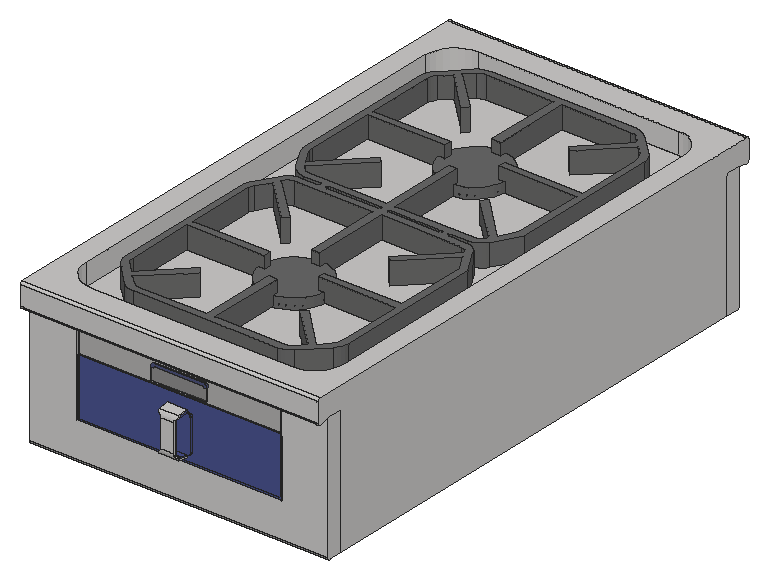
Revit family "QF_ELECTROLUXPROFESSIONAL_589070_MCGDACEOPO", category Specialty Equipment, Revit 2018
Family settings
  Round Connector Dimension = Use Diameter
  Part Type = Normal
  Work Plane-Based = No
  Always vertical = Yes
  Cut with Voids When Loaded = No
  Shared = No
  Room Calculation Point = No
Parameters
  Weight in Pounds = 90.38
  Watts = 0 W
  URL Cutsheet = ""
  Type Mark [instance] = ""
  Status [instance] = ""
  Specification by User [instance] = ""
  Specification by Manufacturer = ""
  Serial Number = ""
  Seismic Rating = ""
  SMACNA No = ""
  Revision Code [instance] = ""
  Omniclass Number and Title = ""
  NAFEM Spec ID Number = ""
  Model = "589070"
  Mechanical Remarks [instance] = ""
  Mechanical Connection Type [instance] = ""
  Masterspec = ""
  Manufacturer = "ELECTROLUX"
  Item Number [instance] = ""
  Installed By [instance] = ""
  Identify Quantity as Lot [instance] = yes
  HP = "0 HP"
  Gas Size = 1/2"
  Gas RI Height [instance] = 0 mm
  Gas KW = 20
  Gas Input = 68180.0 Btu/h
  Gas Connection Height [instance] = 0 mm
  Furnished By [instance] = ""
  Foodservice Equipment Identifier [instance] = yes
  Direct Waste Size = 0"
  Description = "GAS TOP,2 BURNERS,2-SIDES,500X900X250H"
  CSI MasterFormat = ""
  CSI Master Format = ""
  Back Panel [instance] = yes
Reference planes
  plane 1 "BACK": y = 0
  plane 2: z = 0
  plane 3 "LEFT": x = 0
  plane 4 "RIGHT": x = 500
  plane 5 "FRONT": y = -900
  plane 6 "TOP": z = 250
  plane 7: x = 250
  plane 8: y = -450
  plane 9: x = 465
  plane 10: y = -60.425
Forms (mm)
  Extrusion 1, solid, material "QF_Finishes_Stainless Steel"
    sketch origin (0, -487.128, 0) x (0, 1, 0) y (0, 0, 1)
      loop
        line (483.128, 250) -> (-408.872, 250)
        arc (-408.872, 250) -> (-411.7, 248.828) -> (-412.872, 246) r 4
        line (-412.872, 246) -> (-412.872, 214)
        arc (-412.872, 214) -> (-411.437, 210.931) -> (-408.161, 210.064) r 4
        line (-408.161, 210.064) -> (-392.872, 213) -> (-367.872, 213) -> (-367.872, 0) -> (442.128, 0) -> (442.128, 213) -> (465.765, 213) -> (482.433, 210.061)
        arc (482.433, 210.061) -> (485.699, 210.936) -> (487.128, 214) r 4
        line (487.128, 214) -> (487.128, 246)
        arc (487.128, 246) -> (485.956, 248.828) -> (483.128, 250) r 4
    from 0 to 500
  Extrusion 2, void
    sketch origin (653.786, 44.048, 250) x (1, 0, 0) y (0, -1, 0)
      loop
        line (-570.234, 89.462) -> (-235.321, 89.462)
        arc (-235.321, 89.462) -> (-200.694, 103.805) -> (-186.351, 138.432) r 48.97
        line (-186.351, 138.432) -> (-186.351, 850.078)
        arc (-186.351, 850.078) -> (-200.694, 884.705) -> (-235.321, 899.048) r 48.97
        line (-235.321, 899.048) -> (-570.234, 899.048)
        arc (-570.234, 899.048) -> (-605.59, 884.403) -> (-620.234, 849.048) r 50
        line (-620.234, 849.048) -> (-620.234, 139.462)
        arc (-620.234, 139.462) -> (-605.59, 104.107) -> (-570.234, 89.462) r 50
    from 0 to 37
  Extrusion 3, solid, material "QF_Finishes_Stainless Steel"
    sketch origin (10, -759, 0) x (1, 0, 0) y (0, -1, 0)
      loop
        circle (455, -169) r 6.35
    from 0 to 3.2
Cuts and joins
  Extrusion 2 cuts Extrusion 1
Lines and regions (mm)
  symbolic lines
    curve 1: line (0, 0, 0) -> (500, 0, 0)
    curve 2: line (0, -900, 0) -> (0, 0, 0)
    curve 3: line (500, -900, 0) -> (0, -900, 0)
    curve 4: line (500, 0, 0) -> (500, -900, 0)
    curve 5: arc (83.552, -855, 0) -> (48.197, -840.355, 0) -> (33.552, -805, 0) r 50
    curve 6: line (33.552, -805, 0) -> (33.552, -95.414, 0)
    curve 7: arc (33.552, -95.414, 0) -> (48.197, -60.059, 0) -> (83.552, -45.414, 0) r 50
    curve 8: line (83.552, -45.414, 0) -> (418.465, -45.414, 0)
    curve 9: arc (418.465, -45.414, 0) -> (453.092, -59.757, 0) -> (467.435, -94.384, 0) r 48.97
    curve 10: line (467.435, -94.384, 0) -> (467.435, -806.03, 0)
    curve 11: arc (467.435, -806.03, 0) -> (453.092, -840.657, 0) -> (418.465, -855, 0) r 48.97
    curve 12: line (418.465, -855, 0) -> (83.552, -855, 0)
Dimensions and locks
  plane 3 "LEFT" to plane 4 "RIGHT" = 500 mm
  plane 5 "FRONT" to plane 1 "BACK" = 900 mm
  equal spacing: plane 3 "LEFT", plane 7, plane 4 "RIGHT"
  equal spacing: plane 5 "FRONT", plane 8, plane 1 "BACK"
  plane 6 "TOP" to level = 250 mm  (x2)
  plane 1 "BACK" to plane 5 "FRONT" = 900 mm
  Extrusion 3 sketch curve to plane 1 "BACK" = 590 mm
  Extrusion 3 sketch curve to plane 4 "RIGHT" = 35 mm
  plane 1 "BACK" to Extrusion 3 = 590 mm
  plane 9 to plane 4 "RIGHT" = 35 mm
  aligned and locked: level to plane 2
  aligned and locked: plane 7 to nested 1
  aligned and locked: Extrusion 1 to plane 4 "RIGHT"
Automatic sketch dimensions
  Extrusion 1 sketch curve to plane 5 "FRONT" = 0 mm
  Extrusion 1 sketch curve to plane 6 "TOP" = 0 mm
  Extrusion 1 sketch curve to level = 0 mm
  Extrusion 1 sketch curve to plane 1 "BACK" = 0 mm
  Extrusion 1 sketch curve to plane 6 "TOP" = 37 mm  (x2)
  Extrusion 1 sketch curve to plane 5 "FRONT" = 4 mm
  Extrusion 1 sketch curve to plane 5 "FRONT" = 20 mm
  Extrusion 1 sketch curve to plane 5 "FRONT" = 45 mm
  plane 1 "BACK" to Extrusion 1 sketch curve = 21.363 mm
  plane 1 "BACK" to Extrusion 1 sketch curve = 4 mm  (x2)
  Extrusion 1 sketch curve to Extrusion 1 sketch curve = 4 mm
  Extrusion 1 sketch curve to Extrusion 1 sketch curve = 0.711 mm
  plane 1 "BACK" to Extrusion 1 sketch curve = 4.695 mm
  Extrusion 1 sketch curve to Extrusion 1 sketch curve = 0 mm  (x2)
  Extrusion 1 sketch curve to Extrusion 1 sketch curve = 1 mm  (x2)
  plane 1 "BACK" to Extrusion 1 sketch curve = 45 mm
  plane 1 "BACK" to curve 1 = 0 mm
  curve 1 to plane 4 "RIGHT" = 0 mm
  curve 2 to plane 3 "LEFT" = 0 mm
  plane 5 "FRONT" to curve 2 = 0 mm
  Extrusion 2 sketch curve to Extrusion 2 sketch curve = 50 mm  (x2)
  Extrusion 1 to Extrusion 2 sketch curve = 81.535 mm  (x2)
  Extrusion 1 to Extrusion 2 sketch curve = 41 mm
  Extrusion 1 to Extrusion 2 sketch curve = 32.565 mm
  Extrusion 1 to Extrusion 2 sketch curve = 33.552 mm
  Extrusion 1 to Extrusion 2 sketch curve = 91.414 mm
  curve 10 to plane 9 = 2.435 mm
  plane 10 to curve 8 = 15.012 mm
  plane 9 to curve 8 = 46.535 mm
  plane 3 "LEFT" to curve 8 = 83.552 mm
  plane 3 "LEFT" to curve 6 = 33.552 mm
  curve 6 to plane 5 "FRONT" = 95 mm
  plane 9 to curve 12 = 46.535 mm
  curve 10 to plane 5 "FRONT" = 93.97 mm
  radius of Extrusion 3 sketch curve = 6.35 mm
Nested families
  nested 1: "EG_900_500_Single Range Control Handle Front & Back Panel" at (202.376, -855, -650), type "EG_900_500_Single Range Control Handle Front & Back Panel"
  nested 2: "OBT_900_Open Burner" at (250, -450.207, -649.319), type "OBT_900_Open Burner"
  nested 3: "EG_900_500_Single Range Control Handle Front & Back Panel" at (202.376, -45, -650), type "EG_900_500_Single Range Control Handle Front & Back Panel"
Connectors
  piping at (465, -590, -3.2), diameter 12.8
    settings: on Extrusion 3, index 1, connector inside diameter 0.50394", connector length 0 mm, flow factor 0, pipe flow 0 GPM, pressure drop 0.00 psi, fitting loss kfactor 0, connector angle 0.00°, fixture units 0, engagement length 0 mm, angle of deflection 0.00°, flow configuration 1, flow direction 1, fitting loss method 0, system type 7, joint type 0, gender type 0, connector reference index -1, connector utility 0, adjustable connector no, is connector primary yes, connector description "GAS CONNECTION"
Definition of nested family "EG_900_500_Single Range Control Handle Front & Back Panel"
  Reference planes
    plane 1 "Center (Front/Back)": y = 0
    plane 2: z = 0
    plane 3 "Center (Left/Right)": x = 47.624
    plane 4: x = -202.376
    plane 5: x = 297.624
    plane 6: y = -45
  Forms (mm)
    Extrusion 1, solid
      sketch origin (833.217, 829.203, -1.25) x (0, 1, 0) y (0, 0, 1)
        loop
          arc (-854.203, 654.25) -> (-853.324, 652.129) -> (-851.203, 651.25) r 3
          line (-851.203, 651.25) -> (-829.203, 651.25) -> (-829.203, 864.25) -> (-854.203, 864.25) -> (-854.203, 654.25)
      from -1035.593 to -535.593
    Extrusion 2, void
      sketch origin (33.217, 829.203, -1.25) x (1, 0, 0) y (0, 0, 1)
        loop
          line (-157.593, 855.116) -> (-157.593, 713.116) -> (186.407, 713.116) -> (186.407, 855.116) -> (-157.593, 855.116)
      from 848.59 to 854.203
  Cuts and joins
    Extrusion 2 cuts Extrusion 1
  Dimensions and locks
    equal spacing: plane 5, plane 3 "Center (Left/Right)", plane 4
    plane 5 to plane 4 = 500 mm
    aligned and locked: cut or joined group of Extrusion 1, Extrusion 2 to plane 4
    aligned and locked: plane 5 to cut or joined group of Extrusion 1, Extrusion 2
    aligned and locked: plane 3 "Center (Left/Right)" to nested 2
    aligned and locked: cut or joined group of Extrusion 1, Extrusion 2 to nested 2
  Automatic sketch dimensions
    Extrusion 1 sketch curve to plane 1 "Center (Front/Back)" = 0 mm
    plane 1 "Center (Front/Back)" to Extrusion 1 sketch curve = 22 mm
    Extrusion 1 sketch curve to Extrusion 1 sketch curve = 3 mm
    level to Extrusion 1 sketch curve = 650 mm
    Extrusion 1 sketch curve to Extrusion 1 sketch curve = 210 mm
    plane 4 to Extrusion 2 sketch curve = 78 mm
    Extrusion 2 sketch curve to plane 5 = 78 mm
    level to Extrusion 2 sketch curve = 711.866 mm
    Extrusion 2 sketch curve to Extrusion 2 sketch curve = 142 mm
  Nested families
    nested 1: "Range Control Handle" at (47.624, -28.137, -209.113) x (-1, 0, 0) z (0, 0, 1), type "Range Control Handle"
    nested 2: "glass conrol panel" at (47.624, 280.644, 2.752), type "glass conrol panel"
  Definition of nested family "Range Control Handle"
    Reference planes
      plane 1 "Center (Front/Back)": y = 0
      plane 2: z = 0
      plane 3 "Center (Left/Right)": x = 0
      plane 4: z = 971.092
      plane 5: y = -16.9
    Forms (mm)
      Extrusion 1, solid
        sketch origin (-746.28, 380.497, 208.931) x (-1, 0, 0) y (0, 0, 1)
          loop
            line (-770.101, 786.798) -> (-770.101, 731.649)
            arc (-770.101, 731.649) -> (-769.759, 730.563) -> (-768.855, 729.87) r 1.893
            line (-768.855, 729.87) -> (-763.474, 727.911) -> (-729.81, 727.911) -> (-724.428, 729.87)
            arc (-724.428, 729.87) -> (-723.525, 730.563) -> (-723.183, 731.649) r 1.893
            line (-723.183, 731.649) -> (-723.183, 786.798)
            arc (-723.183, 786.798) -> (-723.529, 787.894) -> (-724.44, 788.593) r 1.91
            line (-724.44, 788.593) -> (-729.683, 790.819) -> (-763.601, 790.819) -> (-768.844, 788.593)
            arc (-768.844, 788.593) -> (-769.755, 787.894) -> (-770.101, 786.798) r 1.91
        from -382.35 to -378.852
      Sweep 2, solid
        path origin (-746.788, 380.496, 208.091) x (0, -1, 0) y (0, 0, 1)
          loop
            line (379.775, 793.281) -> (395.661, 791.048)
            arc (395.661, 791.048) -> (397.781, 787.377) -> (398.517, 783.202) r 12.207
            line (398.517, 783.202) -> (398.517, 737.368)
            arc (398.517, 737.368) -> (397.781, 733.193) -> (395.661, 729.522) r 12.207
            line (395.661, 729.522) -> (379.775, 727.289)
        profile origin (-746.788, -7.222, 1000.256) x (0, -0.139173, 0.990268) y (-1, 0, 0)
          loop
            line (0.782, -763.123) -> (0.782, -730.907) -> (-1.322, -730.907) -> (-1.322, -763.123) -> (0.782, -763.123)
      Sweep 3, solid
        path origin (-746.788, 380.715, 207.832) x (0, -1, 0) y (0, 0, 1)
          loop
            line (380.478, 795.442) -> (397.218, 793.09)
            arc (397.218, 793.09) -> (399.929, 788.473) -> (400.871, 783.202) r 15.207
            line (400.871, 783.202) -> (400.871, 737.584)
            arc (400.871, 737.584) -> (399.914, 732.274) -> (397.164, 727.633) r 15.207
            line (397.164, 727.633) -> (380.601, 725.305)
        profile origin (-746.788, -8.132, 1002.099) x (0, -0.139173, 0.990268) y (-1, 0, 0)
          loop
            line (0.782, -763.123) -> (0.782, -730.907) -> (-1.322, -730.907) -> (-1.322, -763.123) -> (0.782, -763.123)
      Extrusion 4, void
        sketch origin (889.253, 220.666, 207.993) x (1, 0, 0) y (0, 0, 1)
          loop
            line (-943.038, 816.854) -> (-943.038, 703.686) -> (-899.466, 734.196) -> (-899.466, 786.344) -> (-943.038, 816.854)
        from 230.636 to 242.25
      Extrusion 5, void
        sketch origin (-888.8, 220.666, 207.993) x (-1, 0, 0) y (0, 0, -1)
          loop
            line (-943.038, -816.854) -> (-899.466, -786.344) -> (-899.466, -734.196) -> (-943.038, -703.686) -> (-943.038, -816.854)
        from 230.636 to 242.25
      Extrusion 6, solid
        sketch origin (0, 0, 0) x (1, 0, 0) y (0, 0, 1)
          loop
            circle (0, 971.092) r 7.736
        from -3.137 to -1.645
    Cuts and joins
      Extrusion 4, Extrusion 5 cuts Sweep 3
      Extrusion 4, Extrusion 5 cuts Sweep 2
      joined: Extrusion 1, Extrusion 6
    Lines and regions (mm)
      symbolic lines
        curve 1: line (16.334, -16.9, 0) -> (16.334, -19.227, 0)
        curve 2: spline (16.334, -19.227, 0) -> (15.87, -19.385, 0) -> (15.404, -19.536, 0) -> (14.936, -19.678, 0) -> (14.466, -19.813, 0) -> (13.995, -19.94, 0) -> (13.523, -20.059, 0) -> (13.049, -20.171, 0) -> (12.575, -20.274, 0) -> (12.099, -20.37, 0) -> (11.622, -20.458, 0) -> (11.144, -20.537, 0) -> (10.666, -20.609, 0)
        curve 3: line (10.666, -16.9, 0) -> (10.666, -20.938, 0)
        curve 4: line (-10.213, -20.938, 0) -> (10.666, -20.938, 0)
        curve 5: line (-10.213, -20.938, 0) -> (-10.213, -16.9, 0)
        curve 6: spline (-10.213, -20.609, 0) -> (-10.691, -20.537, 0) -> (-11.169, -20.458, 0) -> (-11.646, -20.37, 0) -> (-12.122, -20.274, 0) -> (-12.597, -20.171, 0) -> (-13.07, -20.059, 0) -> (-13.542, -19.94, 0) -> (-14.013, -19.813, 0) -> (-14.483, -19.678, 0) -> (-14.951, -19.536, 0) -> (-15.417, -19.385, 0) -> (-15.881, -19.227, 0)
        curve 7: line (-15.881, -19.227, 0) -> (-15.881, -16.9, 0)
  Definition of nested family "glass conrol panel"
    Reference planes
      plane 1 "Center (Front/Back)": y = 0
      plane 2: z = 0
      plane 3 "Center (Left/Right)": x = 0
    Forms (mm)
      Extrusion 1, solid
        sketch origin (378.286, 0, 0.617) x (1, 0, 0) y (0, 0, 1)
          loop
            line (-550.286, 806.791) -> (-550.286, 708.497) -> (-206.286, 708.497) -> (-206.286, 806.791) -> (-550.286, 806.791)
        from 300.031 to 304.8
      Extrusion 2, solid
        sketch origin (378.286, 0, 0.617) x (1, 0, 0) y (0, 0, 1)
          loop
            line (-550.286, 850.497) -> (-550.286, 806.791) -> (-206.286, 806.791) -> (-206.286, 850.497) -> (-550.286, 850.497)
        from 300.031 to 304.8
      Extrusion 3, void
        sketch origin (378.286, 0, 0.617) x (1, 0, 0) y (0, 0, 1)
          loop
            line (-547.628, 847.565) -> (-547.628, 710.699) -> (-209.196, 710.699) -> (-209.196, 847.565) -> (-547.628, 847.565)
        from 303.697 to 304.8
      Extrusion 4, solid
        sketch origin (-308.309, 1.101, -0.633) x (-1, 0, 0) y (0, 0, -1)
          loop
            line (-261.431, -812.62) -> (-355.186, -812.62) -> (-355.186, -834.177) -> (-350.269, -834.177) -> (-348.469, -835.977) -> (-268.039, -835.977) -> (-266.24, -834.177) -> (-261.431, -834.177) -> (-261.431, -812.62)
        from 304.798 to 306.745
      Extrusion 5, solid
        sketch origin (-308.309, 1.101, -0.633) x (-1, 0, 0) y (0, 0, -1)
          loop
            line (-350.269, -834.177) -> (-355.078, -834.177)
            arc (-355.078, -834.177) -> (-353.942, -838.747) -> (-349.686, -840.763) r 5.5
            line (-349.686, -840.763) -> (-266.98, -840.763)
            arc (-266.98, -840.763) -> (-262.706, -838.752) -> (-261.529, -834.177) r 5.549
            line (-261.529, -834.177) -> (-266.24, -834.177) -> (-268.039, -835.977) -> (-348.469, -835.977) -> (-350.269, -834.177)
        from 304.798 to 306.745
    Cuts and joins
      Extrusion 3 cuts Extrusion 1
      Extrusion 3 cuts Extrusion 2
    Dimensions and locks
      aligned and locked: Extrusion 1 to Extrusion 2
      aligned and locked: Extrusion 5 sketch curve to Extrusion 4  (x5)
      aligned and locked: Extrusion 5 to Extrusion 4
Definition of nested family "OBT_900_Open Burner"
  Reference planes
    plane 1 "Center (Front/Back)": y = 0
    plane 2: z = 0
    plane 3 "Center (Left/Right)": x = 0
    plane 4: x = -186.448
    plane 5: x = 187.435
    plane 6: y = 374.793
    plane 7: y = -374.793
    plane 8: y = -188.326
  Forms (mm)
    Extrusion 1, solid
      sketch origin (2130.573, 56.896, -679.622) x (1, 0, 0) y (0, 1, 0)
        loop
          line (-2137.44, 306.49) -> (-2250.793, 306.49)
          arc (-2250.793, 306.49) -> (-2257.908, 305.075) -> (-2263.94, 301.044) r 18.593
          line (-2263.94, 301.044) -> (-2276.233, 288.751) -> (-2213.48, 225.998) -> (-2221.6, 217.877) -> (-2284.354, 280.631) -> (-2300.33, 264.654)
          arc (-2300.33, 264.654) -> (-2304.433, 258.337) -> (-2305.614, 250.897) r 18.125
          line (-2305.614, 250.897) -> (-2305.614, 138.422) -> (-2175.79, 138.422) -> (-2175.79, 126.938) -> (-2305.614, 126.938) -> (-2305.614, 10.897)
          arc (-2305.614, 10.897) -> (-2304.981, 6.085) -> (-2303.123, 1.601) r 18.593
          line (-2303.123, 1.601) -> (-2290.078, -20.994) -> (-2221.6, 47.483) -> (-2213.48, 39.363) -> (-2284.012, -31.169)
          arc (-2284.012, -31.169) -> (-2278.546, -38.527) -> (-2270.23, -42.379) r 18.593
          line (-2270.23, -42.379) -> (-2137.44, -42.379) -> (-2137.44, 87.464) -> (-2123.707, 87.464) -> (-2123.707, -42.379) -> (-1989.813, -42.379)
          arc (-1989.813, -42.379) -> (-1981.496, -38.527) -> (-1976.031, -31.169) r 18.593
          line (-1976.031, -31.169) -> (-2047.115, 39.915) -> (-2038.994, 48.035) -> (-1969.962, -20.997) -> (-1954.428, 5.916) -> (-1954.428, 126.938) -> (-2085.357, 126.938) -> (-2085.357, 138.422) -> (-1954.428, 138.422) -> (-1954.428, 247.888)
          arc (-1954.428, 247.888) -> (-1956.538, 258.496) -> (-1962.547, 267.489) r 27.72
          line (-1962.547, 267.489) -> (-1975.689, 280.631) -> (-2038.994, 217.325) -> (-2047.115, 225.446) -> (-1983.809, 288.751) -> (-1996.102, 301.044)
          arc (-1996.102, 301.044) -> (-2002.134, 305.075) -> (-2009.25, 306.49) r 18.593
          line (-2009.25, 306.49) -> (-2123.707, 306.49) -> (-2123.707, 177.897) -> (-2137.44, 177.897) -> (-2137.44, 306.49)
        loop
          arc (-2317.021, 10.897) -> (-2315.999, 3.132) -> (-2313.002, -4.103) r 30
          line (-2313.002, -4.103) -> (-2292.795, -39.103)
          arc (-2292.795, -39.103) -> (-2281.814, -50.084) -> (-2266.814, -54.103) r 30
          line (-2266.814, -54.103) -> (-2239.287, -54.103)
          arc (-2239.287, -54.103) -> (-2238.243, -56) -> (-2236.272, -56.896) r 3.438
          arc (-2236.272, -56.896) -> (-2238.243, -57.792) -> (-2239.287, -59.689) r 3.438
          line (-2239.287, -59.689) -> (-2266.814, -59.689)
          arc (-2266.814, -59.689) -> (-2281.814, -63.708) -> (-2292.795, -74.689) r 30
          line (-2292.795, -74.689) -> (-2313.002, -109.689)
          arc (-2313.002, -109.689) -> (-2315.999, -116.924) -> (-2317.021, -124.689) r 30
          line (-2317.021, -124.689) -> (-2317.021, -365.461)
          arc (-2317.021, -365.461) -> (-2314.738, -376.941) -> (-2308.234, -386.674) r 30
          line (-2308.234, -386.674) -> (-2271.975, -422.933)
          arc (-2271.975, -422.933) -> (-2262.253, -429.414) -> (-2250.793, -431.689) r 30
          line (-2250.793, -431.689) -> (-2009.25, -431.689)
          arc (-2009.25, -431.689) -> (-1997.786, -429.412) -> (-1988.062, -422.928) r 30
          line (-1988.062, -422.928) -> (-1951.808, -386.674)
          arc (-1951.808, -386.674) -> (-1945.305, -376.941) -> (-1942.982, -365.461) r 30
          line (-1942.982, -365.461) -> (-1942.982, -116.719) -> (-1967.248, -74.689)
          arc (-1967.248, -74.689) -> (-1978.229, -63.708) -> (-1993.229, -59.689) r 30
          line (-1993.229, -59.689) -> (-2020.319, -59.689)
          arc (-2020.319, -59.689) -> (-2021.979, -57.759) -> (-2024.375, -56.896) r 5
          arc (-2024.375, -56.896) -> (-2021.979, -56.033) -> (-2020.319, -54.103) r 5
          line (-2020.319, -54.103) -> (-1993.229, -54.103)
          arc (-1993.229, -54.103) -> (-1978.229, -50.084) -> (-1967.248, -39.103) r 30
          line (-1967.248, -39.103) -> (-1943.138, 2.656) -> (-1943.138, 254.314)
          arc (-1943.138, 254.314) -> (-1945.839, 264.361) -> (-1951.808, 272.882) r 30
          line (-1951.808, 272.882) -> (-1988.062, 309.136)
          arc (-1988.062, 309.136) -> (-1997.786, 315.62) -> (-2009.25, 317.897) r 30
          line (-2009.25, 317.897) -> (-2250.793, 317.897)
          arc (-2250.793, 317.897) -> (-2262.253, 315.622) -> (-2271.975, 309.141) r 30
          line (-2271.975, 309.141) -> (-2308.234, 272.882)
          arc (-2308.234, 272.882) -> (-2314.738, 263.149) -> (-2317.021, 251.669) r 30
          line (-2317.021, 251.669) -> (-2317.021, 10.897)
        loop
          arc (-2122.397, -54.103) -> (-2124.057, -56.033) -> (-2126.452, -56.896) r 5
          arc (-2126.452, -56.896) -> (-2124.057, -57.759) -> (-2122.397, -59.689) r 5
          line (-2122.397, -59.689) -> (-2035.829, -59.689)
          arc (-2035.829, -59.689) -> (-2034.784, -57.792) -> (-2032.813, -56.896) r 3.438
          arc (-2032.813, -56.896) -> (-2034.784, -56) -> (-2035.829, -54.103) r 3.438
          line (-2035.829, -54.103) -> (-2122.397, -54.103)
        loop
          arc (-2223.778, -54.103) -> (-2225.438, -56.033) -> (-2227.833, -56.896) r 5
          arc (-2227.833, -56.896) -> (-2225.438, -57.759) -> (-2223.778, -59.689) r 5
          line (-2223.778, -59.689) -> (-2137.906, -59.689)
          arc (-2137.906, -59.689) -> (-2136.862, -57.792) -> (-2134.891, -56.896) r 3.438
          arc (-2134.891, -56.896) -> (-2136.862, -56) -> (-2137.906, -54.103) r 3.438
          line (-2137.906, -54.103) -> (-2223.778, -54.103)
        loop
          line (-2137.44, -420.282) -> (-2137.44, -290.439) -> (-2123.707, -290.439) -> (-2123.707, -420.282) -> (-2009.25, -420.282)
          arc (-2009.25, -420.282) -> (-2002.134, -418.867) -> (-1996.102, -414.836) r 18.593
          line (-1996.102, -414.836) -> (-1983.184, -401.918) -> (-2047.115, -337.988) -> (-2038.994, -329.867) -> (-1975.064, -393.798) -> (-1962.547, -381.281)
          arc (-1962.547, -381.281) -> (-1956.538, -372.288) -> (-1954.428, -361.68) r 27.72
          line (-1954.428, -361.68) -> (-1954.428, -250.964) -> (-2085.357, -250.964) -> (-2085.357, -239.48) -> (-1954.428, -239.48) -> (-1954.428, -119.708) -> (-1970.42, -92.003) -> (-2038.994, -160.577) -> (-2047.115, -152.457) -> (-1976.413, -81.755)
          arc (-1976.413, -81.755) -> (-1981.868, -74.971) -> (-1989.813, -71.413) r 18.593
          line (-1989.813, -71.413) -> (-2123.707, -71.413) -> (-2123.707, -200.006) -> (-2137.44, -200.006) -> (-2137.44, -71.413) -> (-2270.23, -71.413)
          arc (-2270.23, -71.413) -> (-2278.175, -74.971) -> (-2283.629, -81.755) r 18.593
          line (-2283.629, -81.755) -> (-2213.48, -151.905) -> (-2221.6, -160.025) -> (-2289.62, -92.005) -> (-2303.123, -115.393)
          arc (-2303.123, -115.393) -> (-2304.981, -119.877) -> (-2305.614, -124.689) r 18.593
          line (-2305.614, -124.689) -> (-2305.614, -239.48) -> (-2175.79, -239.48) -> (-2175.79, -250.964) -> (-2305.614, -250.964) -> (-2305.614, -364.689)
          arc (-2305.614, -364.689) -> (-2304.433, -372.129) -> (-2300.33, -378.446) r 18.125
          line (-2300.33, -378.446) -> (-2284.979, -393.798) -> (-2221.6, -330.419) -> (-2213.48, -338.54) -> (-2276.858, -401.918) -> (-2263.94, -414.836)
          arc (-2263.94, -414.836) -> (-2257.908, -418.867) -> (-2250.793, -420.282) r 18.593
          line (-2250.793, -420.282) -> (-2137.44, -420.282)
      from 1542.072 to 1578.941
    Extrusion 2, solid
      sketch origin (2130.573, 61.122, 0) x (1, 0, 0) y (0, 1, 0)
        loop
          circle (-2130.573, -249.448) r 55
        loop
          circle (-2130.573, 128.455) r 55
      from 862.45 to 879.837
    Extrusion 3, void
      sketch origin (-124.371, -355.785, -22.784) x (-0.587785, -0.809017, 0) y (0, 0, 1)
        loop
          circle (-213.495, 891.283) r 1
      from -67.69 to -35.114
    Extrusion 4, void
      sketch origin (-89.903, -376.417, -22.784) x (-0.422618, -0.906308, 0) y (0, 0, 1)
        loop
          circle (-213.495, 891.283) r 1
      from -74.826 to -35.114
    Extrusion 5, void
      sketch origin (-52.131, -390.093, -22.784) x (-0.241922, -0.970296, 0) y (0, 0, 1)
        loop
          circle (-213.495, 891.283) r 1
      from -67.69 to -35.114
    Extrusion 6, void
      sketch origin (27.702, -394.842, -22.784) x (0.139173, -0.990268, 0) y (0, 0, 1)
        loop
          circle (-213.495, 891.283) r 1
      from -67.69 to -35.114
    Extrusion 7, void
      sketch origin (66.829, -385.74, -22.784) x (0.325568, -0.945519, 0) y (0, 0, 1)
        loop
          circle (-213.495, 891.283) r 1
      from -67.69 to -35.114
    Extrusion 8, void
      sketch origin (103.5, -369.339, -22.784) x (0.5, -0.866025, 0) y (0, 0, 1)
        loop
          circle (-213.495, 891.283) r 1
      from -67.69 to -35.114
    Extrusion 9, void
      sketch origin (136.368, -346.242, -22.784) x (0.656059, -0.75471, 0) y (0, 0, 1)
        loop
          circle (-213.495, 891.283) r 1
      from -67.69 to -35.114
    Extrusion 10, void
      sketch origin (164.225, -317.298, -22.784) x (0.788011, -0.615661, 0) y (0, 0, 1)
        loop
          circle (-213.495, 891.283) r 1
      from -67.69 to -35.114
    Extrusion 11, void
      sketch origin (186.048, -283.571, -22.784) x (0.891007, -0.45399, 0) y (0, 0, 1)
        loop
          circle (-213.495, 891.283) r 1
      from -67.69 to -35.114
    Extrusion 12, void
      sketch origin (201.034, -246.299, -22.784) x (0.961262, -0.275637, 0) y (0, 0, 1)
        loop
          circle (-213.495, 891.283) r 1
      from -67.69 to -35.114
    Extrusion 13, void
      sketch origin (208.566, -166.681, -22.784) x (0.994522, 0.104528, 0) y (0, 0, 1)
        loop
          circle (-213.495, 891.283) r 1
      from -67.69 to -35.114
    Extrusion 14, void
      sketch origin (200.835, -127.26, -22.784) x (0.956305, 0.292372, 0) y (0, 0, 1)
        loop
          circle (-213.495, 891.283) r 1
      from -67.69 to -35.114
    Extrusion 15, void
      sketch origin (185.724, -90.039, -22.784) x (0.882948, 0.469472, 0) y (0, 0, 1)
        loop
          circle (-213.495, 891.283) r 1
      from -67.69 to -35.114
    Extrusion 16, void
      sketch origin (163.788, -56.385, -22.784) x (0.777146, 0.62932, 0) y (0, 0, 1)
        loop
          circle (-213.495, 891.283) r 1
      from -67.69 to -35.114
    Extrusion 17, void
      sketch origin (135.834, -27.534, -22.784) x (0.642788, 0.766044, 0) y (0, 0, 1)
        loop
          circle (-213.495, 891.283) r 1
      from -67.69 to -35.114
    Extrusion 18, void
      sketch origin (102.889, -4.548, -22.784) x (0.48481, 0.87462, 0) y (0, 0, 1)
        loop
          circle (-213.495, 891.283) r 1
      from -67.69 to -35.114
    Extrusion 19, void
      sketch origin (66.163, 11.73, -22.784) x (0.309017, 0.951057, 0) y (0, 0, 1)
        loop
          circle (-213.495, 891.283) r 1
      from -67.69 to -35.114
    Extrusion 20, void
      sketch origin (-52.811, 15.685, -22.784) x (-0.258819, 0.965926, 0) y (0, 0, 1)
        loop
          circle (-213.495, 891.283) r 1
      from -67.69 to -35.114
    Extrusion 21, void
      sketch origin (-90.537, 1.882, -22.784) x (-0.438371, 0.898794, 0) y (0, 0, 1)
        loop
          circle (-213.495, 891.283) r 1
      from -67.69 to -35.114
    Extrusion 22, void
      sketch origin (-124.936, -18.865, -22.784) x (-0.601815, 0.798636, 0) y (0, 0, 1)
        loop
          circle (-213.495, 891.283) r 1
      from -67.69 to -35.114
    Extrusion 23, void
      sketch origin (-154.744, -45.796, -22.784) x (-0.743145, 0.669131, 0) y (0, 0, 1)
        loop
          circle (-213.495, 891.283) r 1
      from -67.69 to -35.114
    Extrusion 24, void
      sketch origin (-178.866, -77.919, -22.784) x (-0.857167, 0.515038, 0) y (0, 0, 1)
        loop
          circle (-213.495, 891.283) r 1
      from -67.69 to -35.114
    Extrusion 25, void
      sketch origin (-196.416, -114.054, -22.784) x (-0.939693, 0.34202, 0) y (0, 0, 1)
        loop
          circle (-213.495, 891.283) r 1
      from -67.69 to -35.114
    Extrusion 26, void
      sketch origin (-204.521, -232.817, -22.784) x (-0.97437, -0.224951, 0) y (0, 0, 1)
        loop
          circle (-213.495, 891.283) r 1
      from -67.69 to -35.114
    Extrusion 27, void
      sketch origin (-192.043, -271.002, -22.784) x (-0.913545, -0.406737, 0) y (0, 0, 1)
        loop
          circle (-213.495, 891.283) r 1
      from -67.69 to -35.114
    Extrusion 28, void
      sketch origin (-172.509, -306.104, -22.784) x (-0.819152, -0.573576, 0) y (0, 0, 1)
        loop
          circle (-213.495, 891.283) r 1
      from -67.69 to -35.114
    Extrusion 29, void
      sketch origin (-146.635, -336.834, -22.784) x (-0.694658, -0.71934, 0) y (0, 0, 1)
        loop
          circle (-213.495, 891.283) r 1
      from -67.69 to -35.114
    Extrusion 30, void
      sketch origin (-124.371, 22.118, -22.784) x (-0.587785, -0.809017, 0) y (0, 0, 1)
        loop
          circle (-213.495, 891.283) r 1
      from -67.69 to -35.114
    Extrusion 31, void
      sketch origin (-89.903, 1.485, -22.784) x (-0.422618, -0.906308, 0) y (0, 0, 1)
        loop
          circle (-213.495, 891.283) r 1
      from -74.826 to -35.114
    Extrusion 32, void
      sketch origin (-52.131, -12.191, -22.784) x (-0.241922, -0.970296, 0) y (0, 0, 1)
        loop
          circle (-213.495, 891.283) r 1
      from -67.69 to -35.114
    Extrusion 33, void
      sketch origin (27.702, -16.939, -22.784) x (0.139173, -0.990268, 0) y (0, 0, 1)
        loop
          circle (-213.495, 891.283) r 1
      from -67.69 to -35.114
    Extrusion 34, void
      sketch origin (66.829, -7.837, -22.784) x (0.325568, -0.945519, 0) y (0, 0, 1)
        loop
          circle (-213.495, 891.283) r 1
      from -67.69 to -35.114
    Extrusion 35, void
      sketch origin (103.5, 8.564, -22.784) x (0.5, -0.866025, 0) y (0, 0, 1)
        loop
          circle (-213.495, 891.283) r 1
      from -67.69 to -35.114
    Extrusion 36, void
      sketch origin (136.368, 31.66, -22.784) x (0.656059, -0.75471, 0) y (0, 0, 1)
        loop
          circle (-213.495, 891.283) r 1
      from -67.69 to -35.114
    Extrusion 37, void
      sketch origin (164.225, 60.604, -22.784) x (0.788011, -0.615661, 0) y (0, 0, 1)
        loop
          circle (-213.495, 891.283) r 1
      from -67.69 to -35.114
    Extrusion 38, void
      sketch origin (186.048, 94.332, -22.784) x (0.891007, -0.45399, 0) y (0, 0, 1)
        loop
          circle (-213.495, 891.283) r 1
      from -67.69 to -35.114
    Extrusion 39, void
      sketch origin (201.034, 131.603, -22.784) x (0.961262, -0.275637, 0) y (0, 0, 1)
        loop
          circle (-213.495, 891.283) r 1
      from -67.69 to -35.114
    Extrusion 40, void
      sketch origin (208.566, 211.222, -22.784) x (0.994522, 0.104528, 0) y (0, 0, 1)
        loop
          circle (-213.495, 891.283) r 1
      from -67.69 to -35.114
    Extrusion 41, void
      sketch origin (200.835, 250.642, -22.784) x (0.956305, 0.292372, 0) y (0, 0, 1)
        loop
          circle (-213.495, 891.283) r 1
      from -67.69 to -35.114
    Extrusion 42, void
      sketch origin (185.724, 287.864, -22.784) x (0.882948, 0.469472, 0) y (0, 0, 1)
        loop
          circle (-213.495, 891.283) r 1
      from -67.69 to -35.114
    Extrusion 43, void
      sketch origin (163.788, 321.518, -22.784) x (0.777146, 0.62932, 0) y (0, 0, 1)
        loop
          circle (-213.495, 891.283) r 1
      from -67.69 to -35.114
    Extrusion 44, void
      sketch origin (135.834, 350.368, -22.784) x (0.642788, 0.766044, 0) y (0, 0, 1)
        loop
          circle (-213.495, 891.283) r 1
      from -67.69 to -35.114
    Extrusion 45, void
      sketch origin (102.889, 373.355, -22.784) x (0.48481, 0.87462, 0) y (0, 0, 1)
        loop
          circle (-213.495, 891.283) r 1
      from -67.69 to -35.114
    Extrusion 46, void
      sketch origin (66.163, 389.633, -22.784) x (0.309017, 0.951057, 0) y (0, 0, 1)
        loop
          circle (-213.495, 891.283) r 1
      from -67.69 to -35.114
    Extrusion 47, void
      sketch origin (-52.811, 393.588, -22.784) x (-0.258819, 0.965926, 0) y (0, 0, 1)
        loop
          circle (-213.495, 891.283) r 1
      from -67.69 to -35.114
    Extrusion 48, void
      sketch origin (-90.537, 379.785, -22.784) x (-0.438371, 0.898794, 0) y (0, 0, 1)
        loop
          circle (-213.495, 891.283) r 1
      from -67.69 to -35.114
    Extrusion 49, void
      sketch origin (-124.936, 359.037, -22.784) x (-0.601815, 0.798636, 0) y (0, 0, 1)
        loop
          circle (-213.495, 891.283) r 1
      from -67.69 to -35.114
    Extrusion 50, void
      sketch origin (-154.744, 332.107, -22.784) x (-0.743145, 0.669131, 0) y (0, 0, 1)
        loop
          circle (-213.495, 891.283) r 1
      from -67.69 to -35.114
    Extrusion 51, void
      sketch origin (-178.866, 299.984, -22.784) x (-0.857167, 0.515038, 0) y (0, 0, 1)
        loop
          circle (-213.495, 891.283) r 1
      from -67.69 to -35.114
    Extrusion 52, void
      sketch origin (-196.416, 263.848, -22.784) x (-0.939693, 0.34202, 0) y (0, 0, 1)
        loop
          circle (-213.495, 891.283) r 1
      from -67.69 to -35.114
    Extrusion 53, void
      sketch origin (-204.521, 145.086, -22.784) x (-0.97437, -0.224951, 0) y (0, 0, 1)
        loop
          circle (-213.495, 891.283) r 1
      from -67.69 to -35.114
    Extrusion 54, void
      sketch origin (-192.043, 106.901, -22.784) x (-0.913545, -0.406737, 0) y (0, 0, 1)
        loop
          circle (-213.495, 891.283) r 1
      from -67.69 to -35.114
    Extrusion 55, void
      sketch origin (-172.509, 71.798, -22.784) x (-0.819152, -0.573576, 0) y (0, 0, 1)
        loop
          circle (-213.495, 891.283) r 1
      from -67.69 to -35.114
    Extrusion 56, void
      sketch origin (-146.635, 41.068, -22.784) x (-0.694658, -0.71934, 0) y (0, 0, 1)
        loop
          circle (-213.495, 891.283) r 1
      from -67.69 to -35.114
  Cuts and joins
    Extrusion 3, Extrusion 4, Extrusion 5, Extrusion 6, Extrusion 7, Extrusion 8, Extrusion 9, Extrusion 10, Extrusion 11, Extrusion 12, Extrusion 13, Extrusion 14, Extrusion 15, Extrusion 16, Extrusion 17, Extrusion 18, Extrusion 19, Extrusion 20, Extrusion 21, Extrusion 22, Extrusion 23, Extrusion 24, Extrusion 25, Extrusion 26, Extrusion 27, Extrusion 28, Extrusion 29, Extrusion 30, Extrusion 31, Extrusion 32, Extrusion 33, Extrusion 34, Extrusion 35, Extrusion 36, Extrusion 37, Extrusion 38, Extrusion 39, Extrusion 40, Extrusion 41, Extrusion 42, Extrusion 43, Extrusion 44, Extrusion 45, Extrusion 46, Extrusion 47, Extrusion 48, Extrusion 49, Extrusion 50, Extrusion 51, Extrusion 52, Extrusion 53, Extrusion 54, Extrusion 55, Extrusion 56 cuts Extrusion 2
    Extrusion 32 cuts Extrusion 1
  Lines and regions (mm)
    symbolic lines
      curve 1: arc (54.699, -182.584, 0) -> (39.289, -149.838, 0) -> (6.867, -133.757, 0) r 55
      curve 2: arc (-54.699, -194.068, 0) -> (-39.289, -226.815, 0) -> (-6.867, -242.896, 0) r 55
      curve 3: line (45.217, -194.068, 0) -> (176.145, -194.068, 0)
      curve 4: line (176.145, -194.068, 0) -> (176.145, -304.784, 0)
      curve 5: arc (176.145, -304.784, 0) -> (174.035, -315.392, 0) -> (168.026, -324.385, 0) r 27.72
      curve 6: line (168.026, -324.385, 0) -> (155.51, -336.902, 0)
      curve 7: line (155.51, -336.902, 0) -> (91.579, -272.971, 0)
      curve 8: line (83.459, -281.092, 0) -> (147.389, -345.022, 0)
      curve 9: line (147.389, -345.022, 0) -> (134.471, -357.94, 0)
      curve 10: arc (134.471, -357.94, 0) -> (128.439, -361.971, 0) -> (121.324, -363.386, 0) r 18.593
      curve 11: line (121.324, -363.386, 0) -> (6.867, -363.386, 0)
      curve 12: line (6.867, -363.386, 0) -> (6.867, -233.543, 0)
      curve 13: line (-6.867, -233.543, 0) -> (-6.867, -363.386, 0)
      curve 14: line (-6.867, -363.386, 0) -> (-120.219, -363.386, 0)
      curve 15: arc (-120.219, -363.386, 0) -> (-127.335, -361.971, 0) -> (-133.367, -357.94, 0) r 18.593
      curve 16: line (-133.367, -357.94, 0) -> (-146.285, -345.022, 0)
      curve 17: line (-146.285, -345.022, 0) -> (-82.906, -281.644, 0)
      curve 18: line (-91.027, -273.523, 0) -> (-154.405, -336.902, 0)
      curve 19: line (-154.405, -336.902, 0) -> (-169.757, -321.55, 0)
      curve 20: arc (-169.757, -321.55, 0) -> (-173.86, -315.233, 0) -> (-175.041, -307.793, 0) r 18.125
      curve 21: line (-175.041, -307.793, 0) -> (-175.041, -194.068, 0)
      curve 22: line (-175.041, -194.068, 0) -> (-45.217, -194.068, 0)
      curve 23: line (-45.217, -182.584, 0) -> (-175.041, -182.584, 0)
      curve 24: line (-175.041, -182.584, 0) -> (-175.041, -67.793, 0)
      curve 25: arc (-175.041, -67.793, 0) -> (-174.407, -62.981, 0) -> (-172.55, -58.497, 0) r 18.593
      curve 26: line (-172.55, -58.497, 0) -> (-159.047, -35.109, 0)
      curve 27: line (-159.047, -35.109, 0) -> (-91.027, -103.129, 0)
      curve 28: line (-82.906, -95.009, 0) -> (-153.056, -24.859, 0)
      curve 29: arc (-153.056, -24.859, 0) -> (-147.601, -18.075, 0) -> (-139.656, -14.517, 0) r 18.593
      curve 30: line (-139.656, -14.517, 0) -> (-6.867, -14.517, 0)
      curve 31: line (-6.867, -14.517, 0) -> (-6.867, -143.11, 0)
      curve 32: line (6.867, -143.11, 0) -> (6.867, -14.517, 0)
      curve 33: line (6.867, -14.517, 0) -> (140.761, -14.517, 0)
      curve 34: arc (140.761, -14.517, 0) -> (148.706, -18.075, 0) -> (154.16, -24.859, 0) r 18.593
      curve 35: line (154.16, -24.859, 0) -> (83.459, -95.561, 0)
      curve 36: line (91.579, -103.681, 0) -> (160.154, -35.107, 0)
      curve 37: line (160.154, -35.107, 0) -> (176.145, -62.812, 0)
      curve 38: line (176.145, -62.812, 0) -> (176.145, -182.584, 0)
      curve 39: line (176.145, -182.584, 0) -> (45.217, -182.584, 0)
      curve 40: line (187.592, -59.823, 0) -> (163.326, -17.793, 0)
      curve 41: arc (163.326, -17.793, 0) -> (152.345, -6.812, 0) -> (137.345, -2.793, 0) r 30
      curve 42: line (137.345, -2.793, 0) -> (110.254, -2.793, 0)
      curve 43: arc (110.254, -2.793, 0) -> (108.594, -0.863, 0) -> (106.199, 0, 0) r 5
      curve 44: arc (106.199, 0, 0) -> (108.594, 0.863, 0) -> (110.254, 2.793, 0) r 5
      curve 45: line (110.254, 2.793, 0) -> (137.345, 2.793, 0)
      curve 46: arc (137.345, 2.793, 0) -> (152.345, 6.812, 0) -> (163.326, 17.793, 0) r 30
      curve 47: line (163.326, 17.793, 0) -> (187.435, 59.552, 0)
      curve 48: line (187.435, 59.552, 0) -> (187.435, 311.21, 0)
      curve 49: arc (187.435, 311.21, 0) -> (184.735, 321.257, 0) -> (178.765, 329.778, 0) r 30
      curve 50: line (178.765, 329.778, 0) -> (142.511, 366.032, 0)
      curve 51: arc (142.511, 366.032, 0) -> (132.788, 372.516, 0) -> (121.324, 374.793, 0) r 30
      curve 52: line (121.324, 374.793, 0) -> (-120.219, 374.793, 0)
      curve 53: arc (-120.219, 374.793, 0) -> (-131.68, 372.518, 0) -> (-141.401, 366.037, 0) r 30
      curve 54: line (-141.401, 366.037, 0) -> (-177.661, 329.778, 0)
      curve 55: arc (-177.661, 329.778, 0) -> (-184.164, 320.045, 0) -> (-186.448, 308.565, 0) r 30
      curve 56: line (-186.448, 308.565, 0) -> (-186.448, 67.793, 0)
      curve 57: arc (-186.448, 67.793, 0) -> (-185.426, 60.028, 0) -> (-182.429, 52.793, 0) r 30
      curve 58: line (-182.429, 52.793, 0) -> (-162.221, 17.793, 0)
      curve 59: arc (-162.221, 17.793, 0) -> (-151.241, 6.812, 0) -> (-136.241, 2.793, 0) r 30
      curve 60: line (-136.241, 2.793, 0) -> (-108.714, 2.793, 0)
      curve 61: arc (-108.714, 2.793, 0) -> (-107.669, 0.896, 0) -> (-105.698, 0, 0) r 3.438
      curve 62: arc (-105.698, 0, 0) -> (-107.669, -0.896, 0) -> (-108.714, -2.793, 0) r 3.438
      curve 63: line (-108.714, -2.793, 0) -> (-136.241, -2.793, 0)
      curve 64: arc (-136.241, -2.793, 0) -> (-151.241, -6.812, 0) -> (-162.221, -17.793, 0) r 30
      curve 65: line (-162.221, -17.793, 0) -> (-182.429, -52.793, 0)
      curve 66: arc (-182.429, -52.793, 0) -> (-185.426, -60.028, 0) -> (-186.448, -67.793, 0) r 30
      curve 67: line (-186.448, -67.793, 0) -> (-186.448, -308.565, 0)
      curve 68: arc (-186.448, -308.565, 0) -> (-184.164, -320.045, 0) -> (-177.661, -329.778, 0) r 30
      curve 69: line (-177.661, -329.778, 0) -> (-141.401, -366.037, 0)
      curve 70: arc (-141.401, -366.037, 0) -> (-131.68, -372.518, 0) -> (-120.219, -374.793, 0) r 30
      curve 71: line (-120.219, -374.793, 0) -> (121.324, -374.793, 0)
      curve 72: arc (121.324, -374.793, 0) -> (132.788, -372.516, 0) -> (142.511, -366.032, 0) r 30
      curve 73: line (142.511, -366.032, 0) -> (178.765, -329.778, 0)
      curve 74: arc (178.765, -329.778, 0) -> (185.269, -320.045, 0) -> (187.552, -308.565, 0) r 30
      curve 75: line (187.592, -308.565, 0) -> (187.592, -59.823, 0)
      curve 76: line (94.745, -2.793, 0) -> (8.177, -2.793, 0)
      curve 77: arc (8.177, -2.793, 0) -> (6.517, -0.863, 0) -> (4.121, 0, 0) r 5
      curve 78: arc (4.121, 0, 0) -> (6.517, 0.863, 0) -> (8.177, 2.793, 0) r 5
      curve 79: line (8.177, 2.793, 0) -> (94.745, 2.793, 0)
      curve 80: arc (94.745, 2.793, 0) -> (95.789, 0.896, 0) -> (97.76, 0, 0) r 3.438
      curve 81: arc (97.76, 0, 0) -> (95.789, -0.896, 0) -> (94.745, -2.793, 0) r 3.438
      curve 82: line (-7.333, -2.793, 0) -> (-93.204, -2.793, 0)
      curve 83: arc (-93.204, -2.793, 0) -> (-94.864, -0.863, 0) -> (-97.26, 0, 0) r 5
      curve 84: arc (-97.26, 0, 0) -> (-94.864, 0.863, 0) -> (-93.204, 2.793, 0) r 5
      curve 85: line (-93.204, 2.793, 0) -> (-7.333, 2.793, 0)
      curve 86: arc (-7.333, 2.793, 0) -> (-6.288, 0.896, 0) -> (-4.317, 0, 0) r 3.438
      curve 87: arc (-4.317, 0, 0) -> (-6.288, -0.896, 0) -> (-7.333, -2.793, 0) r 3.438
      curve 88: line (-6.867, 14.517, 0) -> (-139.656, 14.517, 0)
      curve 89: arc (-139.656, 14.517, 0) -> (-147.973, 18.369, 0) -> (-153.438, 25.727, 0) r 18.593
      curve 90: line (-153.438, 25.727, 0) -> (-82.906, 96.259, 0)
      curve 91: line (-91.027, 104.379, 0) -> (-159.504, 35.902, 0)
      curve 92: line (-159.504, 35.902, 0) -> (-172.55, 58.497, 0)
      curve 93: arc (-172.55, 58.497, 0) -> (-174.407, 62.981, 0) -> (-175.041, 67.793, 0) r 18.593
      curve 94: line (-175.041, 67.793, 0) -> (-175.041, 183.834, 0)
      curve 95: line (-175.041, 183.834, 0) -> (-45.217, 183.834, 0)
      curve 96: line (-45.217, 195.318, 0) -> (-175.041, 195.318, 0)
      curve 97: line (-175.041, 195.318, 0) -> (-175.041, 307.793, 0)
      curve 98: arc (-175.041, 307.793, 0) -> (-173.86, 315.233, 0) -> (-169.757, 321.55, 0) r 18.125
      curve 99: line (-169.757, 321.55, 0) -> (-153.78, 337.527, 0)
      curve 100: line (-153.78, 337.527, 0) -> (-91.027, 274.773, 0)
      curve 101: line (-91.027, 274.773, 0) -> (-82.906, 282.894, 0)
      curve 102: line (-82.906, 282.894, 0) -> (-145.66, 345.647, 0)
      curve 103: line (-145.66, 345.647, 0) -> (-133.367, 357.94, 0)
      curve 104: arc (-133.367, 357.94, 0) -> (-127.335, 361.971, 0) -> (-120.219, 363.386, 0) r 18.593
      curve 105: line (-120.219, 363.386, 0) -> (-6.867, 363.386, 0)
      curve 106: line (-6.867, 363.386, 0) -> (-6.867, 234.793, 0)
      curve 107: line (-6.867, 234.793, 0) -> (6.867, 234.793, 0)
      curve 108: line (6.867, 234.793, 0) -> (6.867, 363.386, 0)
      curve 109: line (6.867, 363.386, 0) -> (121.324, 363.386, 0)
      curve 110: arc (121.324, 363.386, 0) -> (128.439, 361.971, 0) -> (134.471, 357.94, 0) r 18.593
      curve 111: line (134.471, 357.94, 0) -> (146.764, 345.647, 0)
      curve 112: line (146.764, 345.647, 0) -> (83.459, 282.342, 0)
      curve 113: line (91.579, 274.221, 0) -> (154.885, 337.527, 0)
      curve 114: line (154.885, 337.527, 0) -> (168.026, 324.385, 0)
      curve 115: arc (168.026, 324.385, 0) -> (174.035, 315.392, 0) -> (176.145, 304.784, 0) r 27.72
      curve 116: line (176.145, 304.784, 0) -> (176.145, 195.318, 0)
      curve 117: line (176.145, 195.318, 0) -> (45.217, 195.318, 0)
      curve 118: line (45.217, 183.834, 0) -> (176.145, 183.834, 0)
      curve 119: line (176.145, 183.834, 0) -> (176.145, 62.812, 0)
      curve 120: line (176.145, 62.812, 0) -> (160.611, 35.899, 0)
      curve 121: line (160.611, 35.899, 0) -> (91.579, 104.931, 0)
      curve 122: line (83.459, 96.811, 0) -> (154.543, 25.727, 0)
      curve 123: arc (154.543, 25.727, 0) -> (149.077, 18.369, 0) -> (140.761, 14.517, 0) r 18.593
      curve 124: line (140.761, 14.517, 0) -> (6.867, 14.517, 0)
      curve 125: line (6.867, 14.517, 0) -> (6.867, 144.36, 0)
      curve 126: line (6.867, 144.36, 0) -> (-6.867, 144.36, 0)
      curve 127: line (-6.867, 144.36, 0) -> (-6.867, 14.517, 0)
      curve 128: arc (-54.699, 183.834, 0) -> (-39.289, 151.088, 0) -> (-6.867, 135.007, 0) r 55
      curve 129: arc (54.699, 195.318, 0) -> (39.289, 228.065, 0) -> (6.867, 244.146, 0) r 55
      curve 130: arc (-6.867, 244.146, 0) -> (-39.289, 228.065, 0) -> (-54.699, 195.318, 0) r 55
      curve 131: arc (6.867, 135.007, 0) -> (39.289, 151.088, 0) -> (54.699, 183.834, 0) r 55
      curve 132: arc (-6.867, -133.757, 0) -> (-39.289, -149.838, 0) -> (-54.699, -182.584, 0) r 55
      curve 133: arc (6.867, -242.896, 0) -> (39.289, -226.815, 0) -> (54.699, -194.068, 0) r 55
      curve 134: line (-45.217, 183.834, 0) -> (-45.217, 195.318, 0)
      curve 135: line (45.217, 195.318, 0) -> (45.217, 183.834, 0)
      curve 136: line (91.579, 274.221, 0) -> (83.459, 282.342, 0)
      curve 137: line (-91.027, 104.379, 0) -> (-82.906, 96.259, 0)
      curve 138: line (91.579, 104.931, 0) -> (83.459, 96.811, 0)
      curve 139: line (-91.027, -103.129, 0) -> (-82.906, -95.009, 0)
      curve 140: line (83.459, -95.561, 0) -> (91.579, -103.681, 0)
      curve 141: line (45.217, -182.584, 0) -> (45.217, -194.068, 0)
      curve 142: line (-6.867, -143.11, 0) -> (6.867, -143.11, 0)
      curve 143: line (-45.217, -194.068, 0) -> (-45.217, -182.584, 0)
      curve 144: line (6.867, -233.543, 0) -> (-6.867, -233.543, 0)
      curve 145: line (91.579, -272.971, 0) -> (83.459, -281.092, 0)
      curve 146: line (-82.906, -281.644, 0) -> (-91.027, -273.523, 0)
  Dimensions and locks
    plane 5 to plane 4 = 373.883 mm
    equal spacing: Extrusion 1 sketch curve, plane 3 "Center (Left/Right)", Extrusion 1 sketch curve
